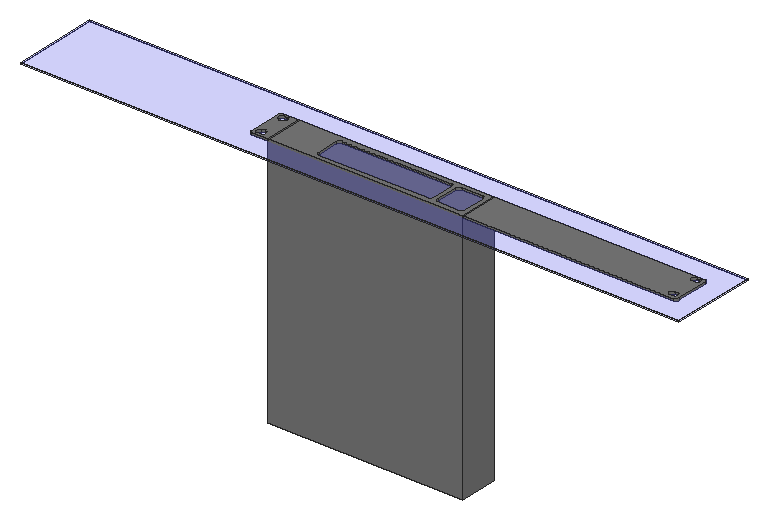
Revit family "QSC Q-SYS NV-32-H_ Front Facing Rackmount", category Generic Models, host Face, Revit 2017
Family settings
  Host = Face
  Can host rebar = No
  Round Connector Dimension = Use Diameter
  Part Type = Normal
  Cut with Voids When Loaded = No
  Shared = No
  Room Calculation Point = No
Parameters (values of type "NV-32-H")
  Width = 8.660"  # constant formula
  Weight Product (lb) = 4  # constant formula
  Weight Product (kg) = 1.81  # constant formula
  Voltage DC = "48"
  URL = ""
  Operating Temperature Max = "50C"
  Show Right Ear Short [instance] = no
  Show Right Ear Long [instance] = yes
  Show Left Ear Short [instance] = yes
  Show Left Ear Long [instance] = no
  Regulatory Compliance = "CE, FCC Part 15 Class B, RoHS"  # constant formula
  Product Page URL = "https://www.qsc.com/systems/products/q-sys-platform/products-peripherals-accessories/nv-series-nv-32-h/"
  Product Documentation Link = "https://www.qsc.com/resource-files/productresources/dn/nv-32-h_series/q_qsys_nv32h_specs.pdf"
  Operating Temperature Min = "0C"
  Model = "Q-SYS NV-32-H"  # constant formula
  Manufacturer URL = "http://www.qsc.com"
  Manufacturer = "QSC"  # constant formula
  Height = 1.720"  # constant formula
  Face Depth = 0.0788"
  Description = "Network Video Endpoint for the Q-SYS Ecosystem"  # constant formula
  Depth = 11.280"  # constant formula
  Default Elevation = 0.000"
  Enclosure Material [instance] = Dark Gray Finish
Reference planes (in)
  plane 1 "Center (Front/Back)": y = 0
  plane 2: z = 0
  plane 3 "Center (Left/Right)": x = 0
  plane 4 "Left": x = -4.33
  plane 5 "Right": x = 4.33
  plane 6 "Top": y = 0.86
  plane 7 "Bottom": y = -0.86
  plane 8 "Back": z = -11.2012
  plane 9 "Right Extend Ear": x = 13.812
  plane 10 "Left Extend Ear": x = -13.812
  plane 11 "Left Short Ear": x = -5.1514
  plane 12 "Right Short Ear": x = 5.1514
  plane 13 "Front": z = 0.0788
Forms (in)
  Extrusion 1, solid, material "Glass"
    sketch origin (0, 0, 0) x (1, 0, 0) y (0, 1, 0)
      loop
        line (-14.5, 1.9685) -> (-14.5, -1.88975) -> (14.73031, -1.88975) -> (14.73031, 1.9685) -> (-14.5, 1.9685)
    from 0 to -0.079
  Extrusion 2, solid, material "Dark Gray Finish" <- "Enclosure Material"
    sketch origin (0, -0.86, 0) x (-1, 0, 0) y (0, 0, 1)
      loop
        line (4.33, 0.0788) -> (-4.33, 0.0788) -> (-4.33, -11.2012) -> (4.33, -11.2012) -> (4.33, 0.0788)
    from 0 to 1.72 <- "Height"
  Extrusion 3, void
    sketch origin (0, 0, -11.2012) x (-1, 0, 0) y (0, -1, 0)
      loop
        line (-4.12953, 0.14) -> (-3.51929, 0.14) -> (-3.51929, 0.67183) -> (-4.12953, 0.67183) -> (-4.12953, 0.14)
      loop
        line (-1.67147, 0.63492) -> (-1.67147, 0.40058) -> (-1.41084, 0.40058) -> (-1.41084, 0.63492) -> (-1.67147, 0.63492)
      loop
        line (-0.92344, 0.40058) -> (-0.92344, 0.63492) -> (-1.37147, 0.63492) -> (-1.37147, 0.40058) -> (-0.92344, 0.40058)
      loop
        line (-1.67147, -0.23939) -> (-1.67147, -0.47373) -> (-0.92344, -0.47373) -> (-0.92344, -0.23939) -> (-1.67147, -0.23939)
      loop
        line (-3.32367, -0.64125) -> (-2.71343, -0.64125) -> (-2.71343, -0.10942) -> (-3.32367, -0.10942) -> (-3.32367, -0.64125)
      loop
        line (-2.47019, -0.64125) -> (-1.85995, -0.64125) -> (-1.85995, -0.10942) -> (-2.47019, -0.10942) -> (-2.47019, -0.64125)
      loop
        line (-3.32367, 0.13942) -> (-2.71343, 0.13942) -> (-2.71343, 0.35875) -> (-3.32367, 0.35875) -> (-3.32367, 0.13942)
      loop
        line (-3.32367, 0.4525) -> (-2.71343, 0.4525) -> (-2.71343, 0.67183) -> (-3.32367, 0.67183) -> (-3.32367, 0.4525)
      loop
        line (-2.47019, 0.13942) -> (-1.85995, 0.13942) -> (-1.85995, 0.35875) -> (-2.47019, 0.35875) -> (-2.47019, 0.13942)
      loop
        line (-2.47019, 0.4525) -> (-1.85995, 0.4525) -> (-1.85995, 0.67183) -> (-2.47019, 0.67183) -> (-2.47019, 0.4525)
      loop
        circle (-0.59244, -0.28242) r 0.125
      loop
        circle (-0.59244, 0.33546) r 0.125
      loop
        line (-0.15156, 0.35875) -> (-0.15156, 0.07692) -> (-0.07457, -0.01894) -> (0.22543, -0.01894) -> (0.30242, 0.07692) -> (0.30242, 0.35875) -> (-0.15156, 0.35875)
      loop
        line (0.90476, 0.3344) -> (0.77918, 0.3344) -> (0.68332, 0.25741) -> (0.68332, -0.30822) -> (0.77918, -0.38521) -> (0.90476, -0.38521) -> (0.90476, 0.3344)
      loop
        line (1.65476, 0.3344) -> (1.52918, 0.3344) -> (1.43332, 0.25741) -> (1.43332, -0.30822) -> (1.52918, -0.38521) -> (1.65476, -0.38521) -> (1.65476, 0.3344)
      loop
        line (2.40476, 0.3344) -> (2.27918, 0.3344) -> (2.18332, 0.25741) -> (2.18332, -0.30822) -> (2.27918, -0.38521) -> (2.40476, -0.38521) -> (2.40476, 0.3344)
      loop
        line (3.15476, 0.3344) -> (3.02918, 0.3344) -> (2.93332, 0.25741) -> (2.93332, -0.30822) -> (3.02918, -0.38521) -> (3.15476, -0.38521) -> (3.15476, 0.3344)
      loop
        line (3.90476, 0.3344) -> (3.77918, 0.3344) -> (3.68332, 0.25741) -> (3.68332, -0.30822) -> (3.77918, -0.38521) -> (3.90476, -0.38521) -> (3.90476, 0.3344)
    from 0 to 0.19685
  Extrusion 4, void
    sketch origin (-16.742, -179.90625, 0.0788) x (0, -1, 0) y (-1, 0, 0)
      loop
        line (-180.54692, -14.52475) -> (-180.54692, -19.33043)
        arc (-180.54692, -19.33043) -> (-180.50115, -19.44092) -> (-180.39067, -19.48668) r 0.15625
        line (-180.39067, -19.48668) -> (-179.40912, -19.48668)
        arc (-179.40912, -19.48668) -> (-179.29864, -19.44092) -> (-179.25287, -19.33043) r 0.15625
        line (-179.25287, -19.33043) -> (-179.25287, -14.52475)
        arc (-179.25287, -14.52475) -> (-179.29864, -14.41427) -> (-179.40912, -14.3685) r 0.15625
        line (-179.40912, -14.3685) -> (-180.39067, -14.3685)
        arc (-180.39067, -14.3685) -> (-180.50115, -14.41427) -> (-180.54692, -14.52475) r 0.15625
    from 0 to 0.079
  Extrusion 5, solid, material "Dark Gray Finish" <- "Enclosure Material", visible <- "Show Left Ear Short"
    sketch origin (0, 0, 0) x (1, 0, 0) y (0, 1, 0)
      loop
        arc (-5.02634, 0.86) -> (-5.11473, 0.82339) -> (-5.1514, 0.735) r 0.125
        line (-5.1514, 0.735) -> (-5.15134, -0.735)
        arc (-5.15134, -0.735) -> (-5.11473, -0.82339) -> (-5.02634, -0.86) r 0.125
        line (-5.02634, -0.86) -> (-4.33, -0.86) -> (-4.33, 0.86) -> (-5.02634, 0.86)
      loop
        line (-4.7537, 0.76059) -> (-4.8915, 0.76059)
        arc (-4.8915, 0.76059) -> (-5.0251, 0.63502) -> (-4.90803, 0.4939) r 0.13386
        arc (-4.90803, 0.4939) -> (-4.8226, 0.40843) -> (-4.73717, 0.4939) r 0.08543
        arc (-4.73717, 0.4939) -> (-4.6201, 0.63502) -> (-4.7537, 0.76059) r 0.13386
      loop
        arc (-4.7537, -0.74713) -> (-4.6201, -0.62155) -> (-4.73717, -0.48043) r 0.13386
        arc (-4.73717, -0.48043) -> (-4.8226, -0.39496) -> (-4.90803, -0.48043) r 0.08543
        arc (-4.90803, -0.48043) -> (-5.0251, -0.62155) -> (-4.8915, -0.74713) r 0.13386
        line (-4.8915, -0.74713) -> (-4.7537, -0.74713)
    from 0 to 0.0788 <- "Face Depth"
  Extrusion 6, solid, material "Dark Gray Finish" <- "Enclosure Material", visible <- "Show Right Ear Short"
    sketch origin (0, 0, 0) x (-1, 0, 0) y (0, -1, 0)
      loop
        line (-5.02634, -0.86) -> (-4.33, -0.86) -> (-4.33, 0.86) -> (-5.02634, 0.86)
        arc (-5.02634, 0.86) -> (-5.11473, 0.82339) -> (-5.15134, 0.735) r 0.125
        line (-5.15134, 0.735) -> (-5.1514, -0.735)
        arc (-5.1514, -0.735) -> (-5.11473, -0.82339) -> (-5.02634, -0.86) r 0.125
      loop
        arc (-4.7537, -0.76059) -> (-4.6201, -0.63502) -> (-4.73717, -0.4939) r 0.13386
        arc (-4.73717, -0.4939) -> (-4.8226, -0.40843) -> (-4.90803, -0.4939) r 0.08543
        arc (-4.90803, -0.4939) -> (-5.0251, -0.63502) -> (-4.8915, -0.76059) r 0.13386
        line (-4.8915, -0.76059) -> (-4.7537, -0.76059)
      loop
        line (-4.7537, 0.74713) -> (-4.8915, 0.74713)
        arc (-4.8915, 0.74713) -> (-5.0251, 0.62155) -> (-4.90803, 0.48043) r 0.13386
        arc (-4.90803, 0.48043) -> (-4.8226, 0.39496) -> (-4.73717, 0.48043) r 0.08543
        arc (-4.73717, 0.48043) -> (-4.6201, 0.62155) -> (-4.7537, 0.74713) r 0.13386
    from 0 to 0.0788 <- "Face Depth"
  Extrusion 7, solid, material "Dark Gray Finish" <- "Enclosure Material", visible <- "Show Right Ear Long"
    sketch origin (0, 0, 0) x (-1, 0, 0) y (0, -1, 0)
      loop
        arc (-13.55432, -0.49287) -> (-13.68818, -0.62673) -> (-13.55432, -0.76059) r 0.13386
        line (-13.55432, -0.76059) -> (-13.41653, -0.76059)
        arc (-13.41653, -0.76059) -> (-13.28267, -0.62673) -> (-13.41653, -0.49287) r 0.13386
        line (-13.41653, -0.49287) -> (-13.55432, -0.49287)
      loop
        arc (-13.55432, 0.74713) -> (-13.68818, 0.61327) -> (-13.55432, 0.47941) r 0.13386
        line (-13.55432, 0.47941) -> (-13.41653, 0.47941)
        arc (-13.41653, 0.47941) -> (-13.28267, 0.61327) -> (-13.41653, 0.74713) r 0.13386
        line (-13.41653, 0.74713) -> (-13.55432, 0.74713)
      loop
        line (-13.812, 0.735) -> (-13.812, -0.735)
        arc (-13.812, -0.735) -> (-13.77539, -0.82339) -> (-13.687, -0.86) r 0.125
        line (-13.687, -0.86) -> (-4.33, -0.86) -> (-4.33, 0.86) -> (-13.687, 0.86)
        arc (-13.687, 0.86) -> (-13.77539, 0.82339) -> (-13.812, 0.735) r 0.125
    from 0 to 0.0788 <- "Face Depth"
  Extrusion 8, solid, material "Dark Gray Finish" <- "Enclosure Material", visible <- "Show Left Ear Long"
    sketch origin (0, 0, 0) x (1, 0, 0) y (0, 1, 0)
      loop
        line (-13.55432, 0.49287) -> (-13.41653, 0.49287)
        arc (-13.41653, 0.49287) -> (-13.28267, 0.62673) -> (-13.41653, 0.76059) r 0.13386
        line (-13.41653, 0.76059) -> (-13.55432, 0.76059)
        arc (-13.55432, 0.76059) -> (-13.68818, 0.62673) -> (-13.55432, 0.49287) r 0.13386
      loop
        line (-13.55432, -0.74713) -> (-13.41653, -0.74713)
        arc (-13.41653, -0.74713) -> (-13.28267, -0.61327) -> (-13.41653, -0.47941) r 0.13386
        line (-13.41653, -0.47941) -> (-13.55432, -0.47941)
        arc (-13.55432, -0.47941) -> (-13.68818, -0.61327) -> (-13.55432, -0.74713) r 0.13386
      loop
        arc (-13.812, -0.735) -> (-13.77539, -0.82339) -> (-13.687, -0.86) r 0.125
        line (-13.687, -0.86) -> (-4.33, -0.86) -> (-4.33, 0.86) -> (-13.687, 0.86)
        arc (-13.687, 0.86) -> (-13.77539, 0.82339) -> (-13.812, 0.735) r 0.125
        line (-13.812, 0.735) -> (-13.812, -0.735)
    from 0 to 0.0788 <- "Face Depth"
  Extrusion 9, void
    sketch origin (-11.46075, -179.90625, 0.0788) x (0, -1, 0) y (-1, 0, 0)
      loop
        line (-180.54692, -14.52175) -> (-180.54692, -15.45349)
        arc (-180.54692, -15.45349) -> (-180.50115, -15.56398) -> (-180.39067, -15.60974) r 0.15625
        line (-180.39067, -15.60974) -> (-179.40912, -15.60974)
        arc (-179.40912, -15.60974) -> (-179.29864, -15.56398) -> (-179.25287, -15.45349) r 0.15625
        line (-179.25287, -15.45349) -> (-179.25287, -14.52175)
        arc (-179.25287, -14.52175) -> (-179.29864, -14.41127) -> (-179.40912, -14.3655) r 0.15625
        line (-179.40912, -14.3655) -> (-180.39067, -14.3655)
        arc (-180.39067, -14.3655) -> (-180.50115, -14.41127) -> (-180.54692, -14.52175) r 0.15625
    from 0 to 0.079
Cuts and joins
  Extrusion 3, Extrusion 4, Extrusion 9 cuts Extrusion 2
Lines and regions (in)
  model lines, style "GenericModel", detail levels fine
    curve 1: line (-3.29089, 0.35869, 0.0788) -> (-3.38738, 0.48582, 0.0788)
    curve 2: line (-3.38738, 0.48582, 0.0788) -> (-3.29089, 0.35869, 0.0788)
    curve 3: line (-3.7372, 0.37457, 0.0788) -> (-3.70075, 0.5057, 0.0788)
    curve 4: line (-3.70075, 0.5057, 0.0788) -> (-3.7372, 0.37457, 0.0788)
    curve 5: line (-3.67631, 0.28774, 0.0788) -> (-3.70352, 0.53041, 0.0788)
    curve 6: line (-3.70352, 0.53041, 0.0788) -> (-3.67631, 0.28774, 0.0788)
    curve 7: line (-3.16169, 0.45752, 0.0788) -> (-3.07565, 0.39431, 0.0788)
    curve 8: line (-3.07565, 0.39431, 0.0788) -> (-3.16169, 0.45752, 0.0788)
  model lines, style "GenericModel", not visible, detail levels fine
    curve 9: line (-3.35339, 0.42119, 0.0788) -> (-3.44988, 0.54832, 0.0788)
    curve 10: line (-3.44988, 0.54832, 0.0788) -> (-3.35339, 0.42119, 0.0788)
    curve 11: line (-3.7997, 0.43707, 0.0788) -> (-3.76325, 0.5682, 0.0788)
    curve 12: line (-3.76325, 0.5682, 0.0788) -> (-3.7997, 0.43707, 0.0788)
    curve 13: line (-3.73881, 0.35024, 0.0788) -> (-3.76602, 0.59291, 0.0788)
    curve 14: line (-3.76602, 0.59291, 0.0788) -> (-3.73881, 0.35024, 0.0788)
    curve 15: line (-3.22419, 0.52002, 0.0788) -> (-3.13815, 0.45681, 0.0788)
    curve 16: line (-3.13815, 0.45681, 0.0788) -> (-3.22419, 0.52002, 0.0788)
Dimensions and locks (in)
  equal spacing: plane 6 "Top", plane 1 "Center (Front/Back)", plane 7 "Bottom"
  "Height": plane 6 "Top" to plane 7 "Bottom"
  equal spacing: plane 4 "Left", plane 3 "Center (Left/Right)", plane 5 "Right"
  "Width": plane 4 "Left" to plane 5 "Right"
  plane 4 "Left" to plane 5 "Right" = 8.660"
  plane 5 "Right" to plane 9 "Right Extend Ear" = 9.482"
  plane 10 "Left Extend Ear" to plane 4 "Left" = 9.482"
  plane 11 "Left Short Ear" to plane 4 "Left" = 0.8214"
  plane 5 "Right" to plane 12 "Right Short Ear" = 0.8214"
  "Face Depth": plane 13 "Front" to plane 2
  "Depth": plane 13 "Front" to plane 8 "Back"
  aligned and locked: plane 2 to Extrusion 1
  aligned and locked: level to Extrusion 1
  aligned and locked: plane 4 "Left" to Extrusion 2 sketch curve
  aligned and locked: plane 8 "Back" to Extrusion 2 sketch curve
  aligned and locked: Extrusion 2 sketch curve to plane 5 "Right"
  aligned and locked: Extrusion 2 sketch curve to plane 13 "Front"
  aligned and locked: Extrusion 5 sketch curve to plane 6 "Top"
  aligned and locked: plane 11 "Left Short Ear" to Extrusion 5 sketch curve
  aligned and locked: cut or joined group of Extrusion 2, Extrusion 3, Extrusion 4, Extrusion 9 to Extrusion 5 sketch curve
  aligned and locked: Extrusion 5 sketch curve to cut or joined group of Extrusion 2, Extrusion 3, Extrusion 4, Extrusion 9
  aligned and locked: cut or joined group of Extrusion 2, Extrusion 3, Extrusion 4, Extrusion 9 to Extrusion 7 sketch curve
  aligned and locked: plane 9 "Right Extend Ear" to Extrusion 7 sketch curve
  aligned and locked: Extrusion 7 sketch curve to plane 7 "Bottom"
  aligned and locked: Extrusion 7 sketch curve to plane 6 "Top"
Automatic sketch dimensions
  curve 7 to curve 8 = 0.000"  (x4)
  curve 8 to curve 7 = 0.10677"
  curve 2 to curve 7 = 0.16267"
  curve 1 to curve 2 = 0.000"  (x5)
  curve 1 to curve 2 = 0.15959"
  curve 2 to curve 1 = 0.000"  (x3)
  curve 5 to curve 1 = 0.35031"
  curve 6 to curve 5 = 0.000"  (x4)
  curve 4 to curve 5 = 0.21933"
  curve 3 to curve 4 = 0.000"  (x4)
  curve 6 to curve 3 = 0.02487"
  curve 5 to curve 6 = 0.000"  (x4)
  curve 3 to curve 5 = 0.10605"
  curve 4 to curve 3 = 0.000"  (x2)
  curve 6 to curve 2 = 0.3919"
  curve 5 to curve 4 = 0.10605"
  curve 1 to curve 7 = 0.21817"
  curve 8 to curve 7 = 0.000"  (x4)
  curve 7 to curve 8 = 0.10677"
  curve 2 to curve 1 = 0.15959"
  curve 4 to curve 4 = 0.13611"
  curve 7 to curve 7 = 0.08604"
  curve 7 to curve 2 = 0.1292"
  curve 1 to curve 1 = 0.09649"
  curve 1 to curve 6 = 0.28894"
  curve 5 to curve 4 = 0.02444"
  curve 3 to curve 5 = 0.00277"
  curve 5 to curve 4 = 0.06089"
  curve 5 to curve 4 = 0.02471"
  curve 3 to curve 2 = 0.01989"
  curve 1 to curve 7 = 0.02829"
  curve 8 to curve 7 = 0.06321"
  curve 1 to curve 2 = 0.12712"
  curve 3 to curve 5 = 0.08683"
  curve 15 to curve 16 = 0.000"
  curve 15 to curve 15 = 0.08604"
  curve 16 to curve 15 = 0.000"  (x3)
  curve 15 to curve 10 = 0.1292"
  curve 9 to curve 10 = 0.000"  (x3)
  curve 9 to curve 9 = 0.09649"
  curve 10 to curve 9 = 0.000"
  curve 9 to curve 14 = 0.28894"
  curve 13 to curve 14 = 0.000"  (x2)
  curve 13 to curve 12 = 0.02444"
  curve 11 to curve 12 = 0.000"  (x2)
  curve 11 to curve 13 = 0.00277"
  curve 14 to curve 13 = 0.000"  (x2)
  curve 13 to curve 12 = 0.06089"
  curve 13 to curve 12 = 0.02471"
  curve 11 to curve 10 = 0.01989"
  curve 9 to curve 15 = 0.02829"
  curve 16 to curve 15 = 0.06321"
  curve 12 to curve 11 = 0.000"
  curve 9 to curve 10 = 0.12712"
  curve 11 to curve 13 = 0.08683"
  Extrusion 1 sketch curve to Extrusion 1 sketch curve = 29.23031"
  Extrusion 1 sketch curve to Extrusion 1 sketch curve = 3.85825"
  Extrusion 4 sketch curve to plane 6 "Top" = 0.21933"
  Extrusion 4 sketch curve to Extrusion 4 sketch curve = 0.15625"  (x3)
  plane 7 "Bottom" to Extrusion 4 sketch curve = 0.36287"  (x2)
  plane 4 "Left" to Extrusion 4 sketch curve = 1.9565"
  Extrusion 4 sketch curve to plane 5 "Right" = 1.74157"
  plane 11 "Left Short Ear" to Extrusion 5 sketch curve = 0.12506"  (x2)
  Extrusion 5 sketch curve to Extrusion 5 sketch curve = 0.13484"  (x2)
  Extrusion 5 sketch curve to Extrusion 5 sketch curve = 0.0689"  (x2)
  Extrusion 5 sketch curve to Extrusion 5 sketch curve = 0.1378"  (x2)
  plane 7 "Bottom" to Extrusion 5 sketch curve = 0.11287"
  plane 7 "Bottom" to Extrusion 5 sketch curve = 0.125"
  Extrusion 5 sketch curve to Extrusion 5 sketch curve = 0.13386"  (x2)
  Extrusion 5 sketch curve to Extrusion 5 sketch curve = 0.13287"  (x2)
  Extrusion 5 sketch curve to plane 6 "Top" = 0.36614"
  Extrusion 5 sketch curve to Extrusion 5 sketch curve = 0.000"  (x3)
  Extrusion 5 sketch curve to Extrusion 5 sketch curve = 0.125"
  Extrusion 5 sketch curve to plane 6 "Top" = 0.09941"
  Extrusion 5 sketch curve to Extrusion 5 sketch curve = 0.08543"  (x2)
  Extrusion 6 sketch curve to plane 12 "Right Short Ear" = 0.000"
  Extrusion 6 sketch curve to plane 7 "Bottom" = 0.000"
  Extrusion 6 sketch curve to plane 6 "Top" = 0.000"
  Extrusion 6 sketch curve to plane 5 "Right" = 0.000"
  plane 12 "Right Short Ear" to Extrusion 6 sketch curve = 0.12506"  (x2)
  Extrusion 6 sketch curve to Extrusion 6 sketch curve = 0.13484"  (x2)
  Extrusion 6 sketch curve to Extrusion 6 sketch curve = 0.0689"  (x2)
  Extrusion 6 sketch curve to Extrusion 6 sketch curve = 0.1378"  (x2)
  Extrusion 6 sketch curve to plane 7 "Bottom" = 0.11287"
  Extrusion 6 sketch curve to Extrusion 6 sketch curve = 0.125"
  Extrusion 6 sketch curve to Extrusion 6 sketch curve = 0.13386"  (x2)
  Extrusion 6 sketch curve to Extrusion 6 sketch curve = 0.13287"  (x2)
  plane 6 "Top" to Extrusion 6 sketch curve = 0.36614"
  Extrusion 6 sketch curve to Extrusion 6 sketch curve = 0.000"  (x3)
  plane 6 "Top" to Extrusion 6 sketch curve = 0.125"
  plane 6 "Top" to Extrusion 6 sketch curve = 0.09941"
  Extrusion 6 sketch curve to Extrusion 6 sketch curve = 0.08543"  (x2)
  plane 9 "Right Extend Ear" to Extrusion 7 sketch curve = 0.125"
  Extrusion 7 sketch curve to Extrusion 7 sketch curve = 0.125"
  Extrusion 7 sketch curve to Extrusion 7 sketch curve = 0.13268"  (x2)
  Extrusion 7 sketch curve to Extrusion 7 sketch curve = 0.1378"  (x2)
  Extrusion 7 sketch curve to plane 7 "Bottom" = 0.11287"
  Extrusion 7 sketch curve to Extrusion 7 sketch curve = 0.13386"  (x2)
  Extrusion 7 sketch curve to Extrusion 7 sketch curve = 0.24213"
  Extrusion 8 sketch curve to plane 10 "Left Extend Ear" = 0.000"
  Extrusion 8 sketch curve to plane 6 "Top" = 0.000"
  Extrusion 8 sketch curve to plane 7 "Bottom" = 0.000"
  Extrusion 8 sketch curve to plane 4 "Left" = 0.000"
  plane 10 "Left Extend Ear" to Extrusion 8 sketch curve = 0.125"
  Extrusion 8 sketch curve to Extrusion 8 sketch curve = 0.125"
  Extrusion 8 sketch curve to Extrusion 8 sketch curve = 0.13268"  (x2)
  Extrusion 8 sketch curve to Extrusion 8 sketch curve = 0.1378"  (x2)
  plane 7 "Bottom" to Extrusion 8 sketch curve = 0.11287"
  Extrusion 8 sketch curve to Extrusion 8 sketch curve = 0.13386"  (x2)
  Extrusion 8 sketch curve to Extrusion 8 sketch curve = 0.24213"
  Extrusion 9 sketch curve to plane 6 "Top" = 0.21933"
  Extrusion 9 sketch curve to Extrusion 9 sketch curve = 0.15625"  (x3)
  plane 7 "Bottom" to Extrusion 9 sketch curve = 0.36287"  (x2)
  Extrusion 9 sketch curve to plane 5 "Right" = 1.42525"
  Extrusion 9 sketch curve to plane 12 "Right Short Ear" = 1.15866"
  Extrusion 3 sketch curve to plane 5 "Right" = 0.20047"
  plane 7 "Bottom" to Extrusion 3 sketch curve = 0.18817"  (x3)
  Extrusion 3 sketch curve to Extrusion 3 sketch curve = 0.61024"  (x3)
  Extrusion 3 sketch curve to plane 6 "Top" = 0.21875"  (x2)
  Extrusion 3 sketch curve to Extrusion 3 sketch curve = 0.19562"  (x3)
  Extrusion 3 sketch curve to plane 1 "Center (Front/Back)" = 0.10942"  (x2)
  Extrusion 3 sketch curve to Extrusion 3 sketch curve = 0.000"  (x6)
  Extrusion 3 sketch curve to Extrusion 3 sketch curve = 0.24325"  (x2)
  Extrusion 3 sketch curve to Extrusion 3 sketch curve = 0.18848"  (x2)
  Extrusion 3 sketch curve to Extrusion 3 sketch curve = 0.26063"
  Extrusion 3 sketch curve to Extrusion 3 sketch curve = 0.03937"
  plane 3 "Center (Left/Right)" to Extrusion 3 sketch curve = 0.92344"
  Extrusion 3 sketch curve to Extrusion 3 sketch curve = 0.44803"
  plane 3 "Center (Left/Right)" to Extrusion 3 sketch curve = 0.59244"  (x2)
  plane 3 "Center (Left/Right)" to Extrusion 3 sketch curve = 0.15156"
  Extrusion 3 sketch curve to plane 1 "Center (Front/Back)" = 0.01894"
  Extrusion 3 sketch curve to Extrusion 3 sketch curve = 0.07699"  (x12)
  Extrusion 3 sketch curve to Extrusion 3 sketch curve = 0.300"
  plane 1 "Center (Front/Back)" to Extrusion 3 sketch curve = 0.07692"  (x2)
  plane 1 "Center (Front/Back)" to Extrusion 3 sketch curve = 0.25741"  (x5)
  Extrusion 3 sketch curve to Extrusion 3 sketch curve = 0.3809"
  Extrusion 3 sketch curve to plane 1 "Center (Front/Back)" = 0.38521"  (x5)
  Extrusion 3 sketch curve to Extrusion 3 sketch curve = 0.09586"  (x8)
  Extrusion 3 sketch curve to Extrusion 3 sketch curve = 0.12558"  (x5)
  Extrusion 3 sketch curve to Extrusion 3 sketch curve = 0.52856"  (x3)
  plane 4 "Left" to Extrusion 3 sketch curve = 0.64668"
  plane 4 "Left" to Extrusion 3 sketch curve = 0.55082"  (x2)
  Extrusion 3 sketch curve to plane 6 "Top" = 0.38627"
  Extrusion 3 sketch curve to plane 1 "Center (Front/Back)" = 0.28242"
  Extrusion 3 sketch curve to Extrusion 3 sketch curve = 0.23434"
  plane 1 "Center (Front/Back)" to Extrusion 3 sketch curve = 0.13942"  (x2)
  plane 1 "Center (Front/Back)" to Extrusion 3 sketch curve = 0.140"
  plane 1 "Center (Front/Back)" to Extrusion 3 sketch curve = 0.33546"
  Extrusion 3 sketch curve to Extrusion 3 sketch curve = 0.28183"
  Extrusion 3 sketch curve to Extrusion 3 sketch curve = 0.21933"  (x2)
  plane 1 "Center (Front/Back)" to Extrusion 3 sketch curve = 0.40058"
  Extrusion 3 sketch curve to Extrusion 3 sketch curve = 0.09375"  (x2)
  plane 7 "Bottom" to Extrusion 3 sketch curve = 0.22508"  (x2)
  radius of Extrusion 3 sketch curve = 0.125"  (x2)
Connectors (in)
  electrical at (3.82441, -0.40592, -11.00435)
    settings: on cut or joined group of Extrusion 2, Extrusion 3, Extrusion 4, Extrusion 9, index 1, voltage 0 V, apparent load 0 VA, apparent load phase1 0 VA, apparent load phase2 0 VA, apparent load phase3 0 VA, power factor 1, load classification "Other", number of poles 1, system type 14, power factor state 1, is connector primary yes, connector utility no, sub classification motor no, connector description "Power In - 48VDC 1.5A"
  electrical at (3.01855, -0.56217, -11.00435)
    settings: on cut or joined group of Extrusion 2, Extrusion 3, Extrusion 4, Extrusion 9, index 2, voltage 0 V, apparent load 0 VA, apparent load phase1 0 VA, apparent load phase2 0 VA, apparent load phase3 0 VA, power factor 1, load classification "Other", number of poles 1, system type 14, power factor state 1, is connector primary no, connector utility no, sub classification motor no, connector description "USB Type A"
  electrical at (3.01855, -0.24908, -11.00435)
    settings: on cut or joined group of Extrusion 2, Extrusion 3, Extrusion 4, Extrusion 9, index 3, voltage 0 V, apparent load 0 VA, apparent load phase1 0 VA, apparent load phase2 0 VA, apparent load phase3 0 VA, power factor 1, load classification "Other", number of poles 1, system type 14, power factor state 1, is connector primary no, connector utility no, sub classification motor no, connector description "USB Type A"
  electrical at (2.16507, -0.24908, -11.00435)
    settings: on cut or joined group of Extrusion 2, Extrusion 3, Extrusion 4, Extrusion 9, index 4, voltage 0 V, apparent load 0 VA, apparent load phase1 0 VA, apparent load phase2 0 VA, apparent load phase3 0 VA, power factor 1, load classification "Other", number of poles 1, system type 14, power factor state 1, is connector primary no, connector utility no, sub classification motor no, connector description "USB Type A"
  electrical at (2.16507, -0.56217, -11.00435)
    settings: on cut or joined group of Extrusion 2, Extrusion 3, Extrusion 4, Extrusion 9, index 5, voltage 0 V, apparent load 0 VA, apparent load phase1 0 VA, apparent load phase2 0 VA, apparent load phase3 0 VA, power factor 1, load classification "Other", number of poles 1, system type 14, power factor state 1, is connector primary no, connector utility no, sub classification motor no, connector description "USB Type A"
  electrical at (3.01855, 0.37533, -11.00435)
    settings: on cut or joined group of Extrusion 2, Extrusion 3, Extrusion 4, Extrusion 9, index 6, voltage 0 V, apparent load 0 VA, apparent load phase1 0 VA, apparent load phase2 0 VA, apparent load phase3 0 VA, power factor 1, load classification "Other", number of poles 1, system type 14, power factor state 1, is connector primary no, connector utility no, sub classification motor no, connector description "LAN A / PWR"
  electrical at (2.16507, 0.37533, -11.00435)
    settings: on cut or joined group of Extrusion 2, Extrusion 3, Extrusion 4, Extrusion 9, index 7, voltage 0 V, apparent load 0 VA, apparent load phase1 0 VA, apparent load phase2 0 VA, apparent load phase3 0 VA, power factor 1, load classification "Other", number of poles 1, system type 14, power factor state 1, is connector primary no, connector utility no, sub classification motor no, connector description "LAN B"
  electrical at (1.29746, 0.35656, -11.00435)
    settings: on cut or joined group of Extrusion 2, Extrusion 3, Extrusion 4, Extrusion 9, index 8, voltage 0 V, apparent load 0 VA, apparent load phase1 0 VA, apparent load phase2 0 VA, apparent load phase3 0 VA, power factor 1, load classification "Other", number of poles 1, system type 14, power factor state 1, is connector primary no, connector utility no, sub classification motor no, connector description "GPIO Out 1,2,3"
  electrical at (1.54116, -0.51775, -11.00435)
    settings: on cut or joined group of Extrusion 2, Extrusion 3, Extrusion 4, Extrusion 9, index 9, voltage 0 V, apparent load 0 VA, apparent load phase1 0 VA, apparent load phase2 0 VA, apparent load phase3 0 VA, power factor 1, load classification "Other", number of poles 1, system type 14, power factor state 1, is connector primary no, connector utility no, sub classification motor no, connector description "GPIO In 1&2"
  electrical at (1.14746, -0.51775, -11.00435)
    settings: on cut or joined group of Extrusion 2, Extrusion 3, Extrusion 4, Extrusion 9, index 10, voltage 0 V, apparent load 0 VA, apparent load phase1 0 VA, apparent load phase2 0 VA, apparent load phase3 0 VA, power factor 1, load classification "Other", number of poles 1, system type 14, power factor state 1, is connector primary no, connector utility no, sub classification motor no, connector description "RS232"
  electrical at (0.59244, -0.33546, -11.00435)
    settings: on cut or joined group of Extrusion 2, Extrusion 3, Extrusion 4, Extrusion 9, index 11, voltage 0 V, apparent load 0 VA, apparent load phase1 0 VA, apparent load phase2 0 VA, apparent load phase3 0 VA, power factor 1, load classification "Other", number of poles 1, system type 14, power factor state 1, is connector primary no, connector utility no, sub classification motor no, connector description "Audio In 3.5mm"
  electrical at (0.59244, 0.28242, -11.00435)
    settings: on cut or joined group of Extrusion 2, Extrusion 3, Extrusion 4, Extrusion 9, index 12, voltage 0 V, apparent load 0 VA, apparent load phase1 0 VA, apparent load phase2 0 VA, apparent load phase3 0 VA, power factor 1, load classification "Other", number of poles 1, system type 14, power factor state 1, is connector primary no, connector utility no, sub classification motor no, connector description "Audio Out 3.5mm"
  electrical at (-0.07543, -0.13891, -11.00435)
    settings: on cut or joined group of Extrusion 2, Extrusion 3, Extrusion 4, Extrusion 9, index 13, voltage 0 V, apparent load 0 VA, apparent load phase1 0 VA, apparent load phase2 0 VA, apparent load phase3 0 VA, power factor 1, load classification "Other", number of poles 1, system type 14, power factor state 1, is connector primary no, connector utility no, sub classification motor no, connector description "USB Type B"
  electrical at (-0.78909, 0.02541, -11.00435)
    settings: on cut or joined group of Extrusion 2, Extrusion 3, Extrusion 4, Extrusion 9, index 14, voltage 0 V, apparent load 0 VA, apparent load phase1 0 VA, apparent load phase2 0 VA, apparent load phase3 0 VA, power factor 1, load classification "Other", number of poles 1, system type 14, power factor state 1, is connector primary no, connector utility no, sub classification motor no, connector description "HDMI In 3"
  electrical at (-1.53909, 0.02541, -11.00435)
    settings: on cut or joined group of Extrusion 2, Extrusion 3, Extrusion 4, Extrusion 9, index 15, voltage 0 V, apparent load 0 VA, apparent load phase1 0 VA, apparent load phase2 0 VA, apparent load phase3 0 VA, power factor 1, load classification "Other", number of poles 1, system type 14, power factor state 1, is connector primary no, connector utility no, sub classification motor no, connector description "HDMI In 2"
  electrical at (-2.28909, 0.02541, -11.00435)
    settings: on cut or joined group of Extrusion 2, Extrusion 3, Extrusion 4, Extrusion 9, index 16, voltage 0 V, apparent load 0 VA, apparent load phase1 0 VA, apparent load phase2 0 VA, apparent load phase3 0 VA, power factor 1, load classification "Other", number of poles 1, system type 14, power factor state 1, is connector primary no, connector utility no, sub classification motor no, connector description "HDMI In 1"
  electrical at (-3.03909, 0.02541, -11.00435)
    settings: on cut or joined group of Extrusion 2, Extrusion 3, Extrusion 4, Extrusion 9, index 17, voltage 0 V, apparent load 0 VA, apparent load phase1 0 VA, apparent load phase2 0 VA, apparent load phase3 0 VA, power factor 1, load classification "Other", number of poles 1, system type 14, power factor state 1, is connector primary no, connector utility no, sub classification motor no, connector description "HDMI Out 2"
  electrical at (-3.78909, 0.02541, -11.00435)
    settings: on cut or joined group of Extrusion 2, Extrusion 3, Extrusion 4, Extrusion 9, index 18, voltage 0 V, apparent load 0 VA, apparent load phase1 0 VA, apparent load phase2 0 VA, apparent load phase3 0 VA, power factor 1, load classification "Other", number of poles 1, system type 14, power factor state 1, is connector primary no, connector utility no, sub classification motor no, connector description "HDMI Out 1"
